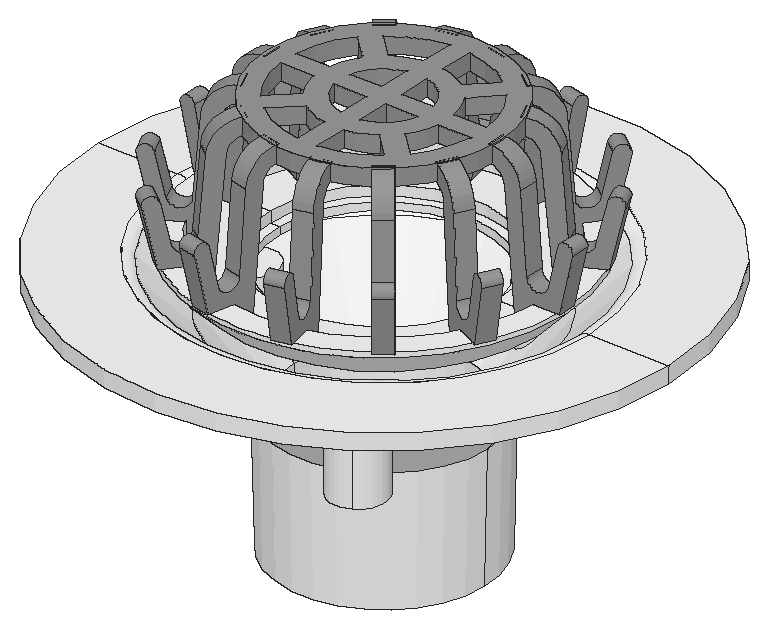
Revit family "3100.176.1 Roof Drain BE65 SF", category Plumbing Fixtures, Revit 2020
Family settings
  Round Connector Dimension = Use Diameter
  Part Type = Normal
  OmniClass Number = 23.45.00.00
  OmniClass Title = Sanitary, Laundry, and Cleaning Equipment
  Work Plane-Based = No
  Always vertical = Yes
  Cut with Voids When Loaded = No
  Shared = No
  Room Calculation Point = No
Parameters (values of type "3100.176.1 65x65 Drain")
  Waste Connection = yes
  Vent Connection = yes
  URL = "www.aquaknight.co.nz"
  Phone = "+6498322214"  # constant formula
  Overflow = no
  Model = "3100.176.1"
  Manufacturer = "Aquanight Industries Ltd"  # constant formula
  HW Connection = no
  Email = "info@aquaknight.co.nz"  # constant formula
  Description = "Roof Drain Bottom Exit 65mm Inlet w 65mm Outlet Small Flange"
  Default Elevation = 0 mm
  CW Connection = no
Types (3, lengths in mm): name | Overflow
  (no name) | no
  3100.176.1 65x65 Overflow | yes
  3100.176.1 65x65 Drain | no
Reference planes
  plane 1 "Center (Front/Back)": y = 0
  plane 2: z = 0
  plane 3 "Center (Left/Right)": x = 0
  plane 4: z = -45
Forms (mm)
  Revolve 1, solid, material "Plastic, Glossy White"
    sketch origin (0, 0, -4) x (1, 0, 0) y (0, 0, 1)
      loop
        line (49.534, -14.536) -> (63.071, -1) -> (87.243, -1) -> (87.243, 4) -> (62.948, 4)
        arc (62.948, 4) -> (61.148, 3.642) -> (59.623, 2.623) r 4.703
        line (59.623, 2.623) -> (45.999, -11) -> (27.454, -35.803) -> (26.499, -76.121) -> (31, -76.121) -> (31.9, -38.121) -> (49.534, -14.536)
      loop
        line (34.75, 3.583) -> (34.75, 0.5) -> (31.75, 0.5) -> (31.75, -1.735) -> (47.015, -1.735) -> (55.5, 6.75) -> (55.5, 8.3) -> (48.301, 8.3) -> (48.301, 3.583) -> (34.75, 3.583)
      axis (0, 8.3) -> (0, -76.121)
    angle from 0 to 360
  Extrusion 2, solid, material "Plastic, Glossy White", detail levels medium+fine
    sketch origin (0, 0, -4) x (1, 0, 0) y (0, 1, 0)
      loop
        circle (-41.315, 0) r 8.2
      loop
        circle (20.657, 35.78) r 8.2
      loop
        circle (20.657, -35.78) r 8.2
    from -38.379 to -12.5
  Extrusion 3, solid, material "Stainless Steel", detail levels fine
    sketch origin (0, 0, 4.517) x (1, 0, 0) y (0, 1, 0)
      loop
        line (2.98, 2.98) -> (12.833, 2.98)
        arc (12.833, 2.98) -> (9.316, 9.316) -> (2.98, 12.833) r 13.175
        line (2.98, 12.833) -> (2.98, 2.98)
      loop
        line (2.98, 29.245) -> (2.98, 19.037)
        arc (2.98, 19.037) -> (7.374, 17.802) -> (11.354, 15.568) r 19.269
        line (11.354, 15.568) -> (18.573, 22.786)
        arc (18.573, 22.786) -> (11.25, 27.159) -> (2.98, 29.245) r 29.396
      loop
        arc (29.245, 2.98) -> (27.159, 11.25) -> (22.786, 18.573) r 29.396
        line (22.786, 18.573) -> (15.568, 11.354)
        arc (15.568, 11.354) -> (17.802, 7.374) -> (19.037, 2.98) r 19.269
        line (19.037, 2.98) -> (29.245, 2.98)
      loop
        line (-2.98, 2.98) -> (-2.98, 12.833)
        arc (-2.98, 12.833) -> (-9.316, 9.316) -> (-12.833, 2.98) r 13.175
        line (-12.833, 2.98) -> (-2.98, 2.98)
      loop
        arc (-2.98, 29.245) -> (-11.25, 27.159) -> (-18.573, 22.786) r 29.396
        line (-18.573, 22.786) -> (-11.354, 15.568)
        arc (-11.354, 15.568) -> (-7.374, 17.802) -> (-2.98, 19.037) r 19.269
        line (-2.98, 19.037) -> (-2.98, 29.245)
      loop
        line (-29.245, 2.98) -> (-19.037, 2.98)
        arc (-19.037, 2.98) -> (-17.802, 7.374) -> (-15.568, 11.354) r 19.269
        line (-15.568, 11.354) -> (-22.786, 18.573)
        arc (-22.786, 18.573) -> (-27.159, 11.25) -> (-29.245, 2.98) r 29.396
      loop
        line (2.98, -2.98) -> (2.98, -12.833)
        arc (2.98, -12.833) -> (9.316, -9.316) -> (12.833, -2.98) r 13.175
        line (12.833, -2.98) -> (2.98, -2.98)
      loop
        arc (2.98, -29.245) -> (11.25, -27.159) -> (18.573, -22.786) r 29.396
        line (18.573, -22.786) -> (11.354, -15.568)
        arc (11.354, -15.568) -> (7.374, -17.802) -> (2.98, -19.037) r 19.269
        line (2.98, -19.037) -> (2.98, -29.245)
      loop
        line (29.245, -2.98) -> (19.037, -2.98)
        arc (19.037, -2.98) -> (17.802, -7.374) -> (15.568, -11.354) r 19.269
        line (15.568, -11.354) -> (22.786, -18.573)
        arc (22.786, -18.573) -> (27.159, -11.25) -> (29.245, -2.98) r 29.396
      loop
        line (-2.98, -2.98) -> (-12.833, -2.98)
        arc (-12.833, -2.98) -> (-9.316, -9.316) -> (-2.98, -12.833) r 13.175
        line (-2.98, -12.833) -> (-2.98, -2.98)
      loop
        line (-2.98, -29.245) -> (-2.98, -19.037)
        arc (-2.98, -19.037) -> (-7.374, -17.802) -> (-11.354, -15.568) r 19.269
        line (-11.354, -15.568) -> (-18.573, -22.786)
        arc (-18.573, -22.786) -> (-11.25, -27.159) -> (-2.98, -29.245) r 29.396
      loop
        arc (-29.245, -2.98) -> (-27.159, -11.25) -> (-22.786, -18.573) r 29.396
        line (-22.786, -18.573) -> (-15.568, -11.354)
        arc (-15.568, -11.354) -> (-17.802, -7.374) -> (-19.037, -2.98) r 19.269
        line (-19.037, -2.98) -> (-29.245, -2.98)
      loop
        circle (0, 0) r 35.51
    from 34 to 39
  Revolve 4, solid, material "Stainless Steel", detail levels coarse+medium
    sketch origin (0, 0, 4.517) x (1, 0, 0) y (0, 0, 1)
      loop
        line (0, 39) -> (-34.337, 39)
        arc (-34.337, 39) -> (-41.126, 36.342) -> (-44.307, 29.782) r 10
        line (-44.307, 29.782) -> (-46.122, 6.649)
        arc (-46.122, 6.649) -> (-49.239, 3.545) -> (-52.78, 6.154) r 3.378
        line (-52.78, 6.154) -> (-55.543, 18.12)
        arc (-55.543, 18.12) -> (-58.332, 19.862) -> (-60.075, 17.073) r 2.325
        line (-60.075, 17.073) -> (-56.083, -0.217) -> (-48.3, -0.217) -> (-48.3, -4.935) -> (-42.274, -4.935) -> (-39.267, 29.436)
        arc (-39.267, 29.436) -> (-37.664, 32.686) -> (-34.286, 34) r 5
        line (-34.286, 34) -> (0, 34) -> (0, 39)
      axis (0, 39) -> (0, -4.935)
    angle from 0 to 360
  Revolve 5, solid, material "Plastic, Glossy White", visible <- "Overflow"
    sketch origin (0, 0, 0) x (1, 0, 0) y (0, 0, 1)
      loop
        line (34.5, -3.5) -> (34.315, 38.8) -> (31.631, 38.8) -> (32, -3.5) -> (34.5, -3.5)
      axis (0, 38.8) -> (0, -3.5)
    angle from 0 to 360
Lines and regions (mm)
  Masking region 1
    outline origin (0, 0, 0) x (1, 0, 0) y (0, 1, 0)
      loop
        circle (0, 0) r 87.243
  model lines, detail levels medium+fine
    curve 1: circle (0.032, 79.7, 0) r 4.5 normal (0, 0, 1)
    curve 2: circle (69.106, -39.695, 0) r 4.5 normal (0, 0, 1)
    curve 3: circle (-69.106, -39.695, 0) r 4.5 normal (0, 0, -1)
  symbolic lines, detail levels medium+fine
    curve 4: circle (0, 0, 0) r 63.071 normal (0, 0, 1)
  symbolic lines, detail levels fine
    curve 5: circle (0.032, 79.7, 0) r 4.5 normal (0, 0, 1)
    curve 6: circle (69.106, -39.695, 0) r 4.5 normal (0, 0, 1)
    curve 7: circle (-69.106, -39.695, 0) r 4.5 normal (0, 0, 1)
Dimensions and locks
  level to plane 4 = 45 mm
  locked: connector elem to plane 1 "Center (Front/Back)" at 0
  locked: connector elem to plane 3 "Center (Left/Right)" at 0
  aligned and locked: level to plane 2
  aligned and locked: Revolve 1 sketch curve to level
  aligned and locked: Revolve 4 sketch curve to Revolve 4 sketch curve
Automatic sketch dimensions
  plane 1 "Center (Front/Back)" to Extrusion 2 sketch curve = 0 mm
  Extrusion 2 sketch curve to plane 3 "Center (Left/Right)" = 41.315 mm
  plane 3 "Center (Left/Right)" to Extrusion 2 sketch curve = 20.657 mm  (x2)
  plane 1 "Center (Front/Back)" to Extrusion 2 sketch curve = 35.78 mm
  Extrusion 2 sketch curve to plane 1 "Center (Front/Back)" = 35.78 mm
  Extrusion 3 sketch curve to Extrusion 3 sketch curve = 0 mm  (x427)
  plane 1 "Center (Front/Back)" to Extrusion 3 sketch curve = 0 mm
  Extrusion 3 sketch curve to plane 3 "Center (Left/Right)" = 0 mm
  Extrusion 3 sketch curve to plane 3 "Center (Left/Right)" = 2.98 mm  (x4)
  Extrusion 3 sketch curve to Extrusion 3 sketch curve = 8.375 mm  (x4)
  plane 1 "Center (Front/Back)" to Extrusion 3 sketch curve = 2.98 mm  (x4)
  Extrusion 3 sketch curve to Extrusion 3 sketch curve = 9.854 mm  (x2)
  Extrusion 3 sketch curve to Extrusion 3 sketch curve = 4.214 mm  (x14)
  Extrusion 3 sketch curve to Extrusion 3 sketch curve = 7.218 mm  (x4)
  Extrusion 3 sketch curve to plane 1 "Center (Front/Back)" = 2.98 mm  (x4)
  Extrusion 3 sketch curve to Extrusion 3 sketch curve = 6.204 mm  (x3)
  Extrusion 3 sketch curve to Extrusion 3 sketch curve = 10.208 mm  (x2)
  plane 3 "Center (Left/Right)" to Extrusion 3 sketch curve = 2.98 mm  (x4)
  Revolve 4 sketch curve to plane 3 "Center (Left/Right)" = 0 mm
  Revolve 4 sketch curve to plane 3 "Center (Left/Right)" = 34.286 mm
  Revolve 4 sketch curve to Revolve 4 sketch curve = 0.052 mm
  Revolve 4 sketch curve to Revolve 4 sketch curve = 4.929 mm
  Revolve 4 sketch curve to level = 0.417 mm
  Revolve 4 sketch curve to Revolve 4 sketch curve = 3.007 mm
  Revolve 4 sketch curve to Revolve 4 sketch curve = 5.04 mm
  level to Revolve 4 sketch curve = 11.167 mm
  Revolve 4 sketch curve to Revolve 4 sketch curve = 3.848 mm
  Revolve 4 sketch curve to Revolve 4 sketch curve = 2.178 mm
  Revolve 4 sketch curve to Revolve 4 sketch curve = 3.367 mm
  level to Revolve 4 sketch curve = 10.671 mm
  Revolve 4 sketch curve to Revolve 4 sketch curve = 3.291 mm
  Revolve 4 sketch curve to Revolve 4 sketch curve = 2.763 mm
  Revolve 4 sketch curve to Revolve 4 sketch curve = 3.302 mm
  Revolve 4 sketch curve to Revolve 4 sketch curve = 2.266 mm  (x2)
  level to Revolve 4 sketch curve = 21.591 mm
  level to Revolve 4 sketch curve = 4.3 mm
  Revolve 4 sketch curve to Revolve 4 sketch curve = 0 mm
  Revolve 4 sketch curve to plane 4 = 403.413 mm
  Revolve 4 sketch curve to Revolve 4 sketch curve = 2406.244 mm
  Revolve 5 sketch curve to plane 3 "Center (Left/Right)" = 0 mm
  plane 3 "Center (Left/Right)" to Revolve 5 sketch curve = 31.631 mm
  Revolve 5 sketch curve to level = 3.5 mm
  plane 3 "Center (Left/Right)" to Revolve 5 sketch curve = 32 mm
  Revolve 5 sketch curve to Revolve 5 sketch curve = 2.685 mm
  Revolve 5 sketch curve to Revolve 5 sketch curve = 2.5 mm
  level to Revolve 5 sketch curve = 38.8 mm
  Revolve 5 sketch curve to level = 12.527 mm
  Revolve 5 sketch curve to Revolve 5 sketch curve = 13.673 mm
  Revolve 1 sketch curve to plane 3 "Center (Left/Right)" = 0 mm
  plane 3 "Center (Left/Right)" to Revolve 1 sketch curve = 26.499 mm
  plane 4 to Revolve 1 sketch curve = 5.197 mm
  plane 3 "Center (Left/Right)" to Revolve 1 sketch curve = 27.454 mm
  Revolve 1 sketch curve to Revolve 1 sketch curve = 4.501 mm
  Revolve 1 sketch curve to level = 3.5 mm
  plane 3 "Center (Left/Right)" to Revolve 1 sketch curve = 31.75 mm
  plane 4 to Revolve 1 sketch curve = 2.879 mm
  Revolve 1 sketch curve to Revolve 1 sketch curve = 4.446 mm
  Revolve 1 sketch curve to Revolve 1 sketch curve = 3 mm
  Revolve 1 sketch curve to level = 15 mm
  Revolve 1 sketch curve to Revolve 1 sketch curve = 11.249 mm
  Revolve 1 sketch curve to Revolve 1 sketch curve = 1.016 mm
  level to Revolve 1 sketch curve = 4.3 mm
  Revolve 1 sketch curve to Revolve 1 sketch curve = 1.287 mm
  Revolve 1 sketch curve to level = 18.536 mm
  Revolve 1 sketch curve to Revolve 1 sketch curve = 3.535 mm
  Revolve 1 sketch curve to level = 1.377 mm
  Revolve 1 sketch curve to Revolve 1 sketch curve = 11.321 mm
  Revolve 1 sketch curve to Revolve 1 sketch curve = 3.325 mm
  Revolve 1 sketch curve to Revolve 1 sketch curve = 0.123 mm
  Revolve 1 sketch curve to level = 5 mm
  Revolve 1 sketch curve to Revolve 1 sketch curve = 24.172 mm
  Revolve 1 sketch curve to plane 4 = 35.121 mm
  Revolve 1 sketch curve to level = 5.735 mm
  Revolve 1 sketch curve to level = 0.417 mm
  Revolve 1 sketch curve to Revolve 1 sketch curve = 4.123 mm
  level to Revolve 1 sketch curve = 2.75 mm
  Revolve 1 sketch curve to Revolve 1 sketch curve = 376.809 mm
  Revolve 1 sketch curve to Revolve 1 sketch curve = 2436.944 mm
  curve 1 to curve 5 = 0 mm  (x2)
  curve 2 to curve 6 = 0 mm  (x2)
  curve 3 to curve 7 = 0 mm  (x2)
  Revolve 1 to curve 3 = 39.695 mm
  curve 3 to curve 4 = 69.106 mm
  curve 4 to curve 5 = 0.032 mm
  Revolve 1 to curve 6 = 39.695 mm
  curve 4 to curve 6 = 69.106 mm
  curve 5 to Revolve 1 = 79.7 mm
  radius of Extrusion 2 sketch curve = 8.2 mm  (x3)
  radius of Extrusion 3 sketch curve = 35.51 mm
  radius of Masking region 1 sketch curve to Revolve 1 = 0 mm
  radius of Revolve 1 to curve 4 = 0.123 mm
  radius of curve 1 = 4.5 mm
  radius of curve 2 = 4.5 mm
  radius of curve 3 = 4.5 mm
  radius of curve 5 = 4.5 mm
  radius of curve 6 = 4.5 mm
  radius of curve 7 = 4.5 mm
Nested families
  nested 1: "hook" at (0, 0, 0), type "175"
  nested 2: "hook" at (0, 0, 0) x (0.901, 0.4338, 0) z (0, 0, 1), type "175"
  nested 3: "hook" at (0, 0, 0) x (0.6236, 0.7817, 0) z (0, 0, 1), type "175"
  nested 4: "hook" at (0, 0, 0) x (0.2227, 0.9749, 0) z (0, 0, 1), type "175"
  nested 5: "hook" at (0, 0, 0) x (-0.2222, 0.975, 0) z (0, 0, 1), type "175"
  nested 6: "hook" at (0, 0, 0) x (-0.6232, 0.7821, 0) z (0, 0, 1), type "175"
  nested 7: "hook" at (0, 0, 0) x (-0.9008, 0.4343, 0) z (0, 0, 1), type "175"
  nested 8: "hook" at (0, 0, 0) x (-1, 0.0005, 0) z (0, 0, 1), type "175"
  nested 9: "hook" at (0, 0, 0) x (-0.9012, -0.4333, 0) z (0, 0, 1), type "175"
  nested 10: "hook" at (0, 0, 0) x (-0.624, -0.7814, 0) z (0, 0, 1), type "175"
  nested 11: "hook" at (0, 0, 0) x (-0.2233, -0.9748, 0) z (0, 0, 1), type "175"
  nested 12: "hook" at (0, 0, 0) x (0.2217, -0.9751, 0) z (0, 0, 1), type "175"
  nested 13: "hook" at (0, 0, 0) x (0.6228, -0.7824, 0) z (0, 0, 1), type "175"
  nested 14: "hook" at (0, 0, 0) x (0.9005, -0.4348, 0) z (0, 0, 1), type "175"
Connectors
  piping at (0, 0, -45), diameter 65
    settings: on plane 4, index 1, connector inside diameter 609.6 mm, connector length 0 mm, flow factor 0, pipe flow 0.0 L/s, pressure drop 0.0 Pa, fitting loss kfactor 0, connector angle 0.00°, fixture units 0, engagement length 0 mm, angle of deflection 0.00°, flow configuration 0, flow direction 0, fitting loss method 0, system type 28, joint type 0, gender type 0, connector reference index -1, connector utility 0, adjustable connector no, is connector primary yes, connector description ""
Definition of nested family "hook"
  Parameters (values of type "175")
    Waste Connection = yes
    Vent Connection = yes
    URL = ""
    Model = ""
    Manufacturer = ""
    HW Connection = no
    Description = ""
    Default Elevation = 0 mm
    CW Connection = no
  Reference planes
    plane 1 "Center (Front/Back)": y = 0
    plane 2: z = 0
    plane 3 "Center (Left/Right)": x = 0
  Forms (mm)
    Extrusion 1, solid, detail levels fine
      sketch origin (0, 0, 0) x (1, 0, 0) y (0, 0, 1)
        loop
          line (-56.083, 4.3) -> (-48.3, 4.3) -> (-48.3, -0.417) -> (-42.274, -0.417) -> (-39.267, 33.953)
          arc (-39.267, 33.953) -> (-37.683, 37.186) -> (-34.337, 38.517) r 5
          line (-34.337, 38.517) -> (-34.337, 43.517)
          arc (-34.337, 43.517) -> (-41.126, 40.86) -> (-44.307, 34.3) r 10
          line (-44.307, 34.3) -> (-46.122, 11.167)
          arc (-46.122, 11.167) -> (-49.239, 8.062) -> (-52.78, 10.671) r 3.378
          line (-52.78, 10.671) -> (-55.543, 22.637)
          arc (-55.543, 22.637) -> (-58.332, 24.38) -> (-60.075, 21.591) r 2.325
          line (-60.075, 21.591) -> (-56.083, 4.3)
      from -2.8 to 2.8
  Dimensions and locks
    aligned and locked: level to plane 2
